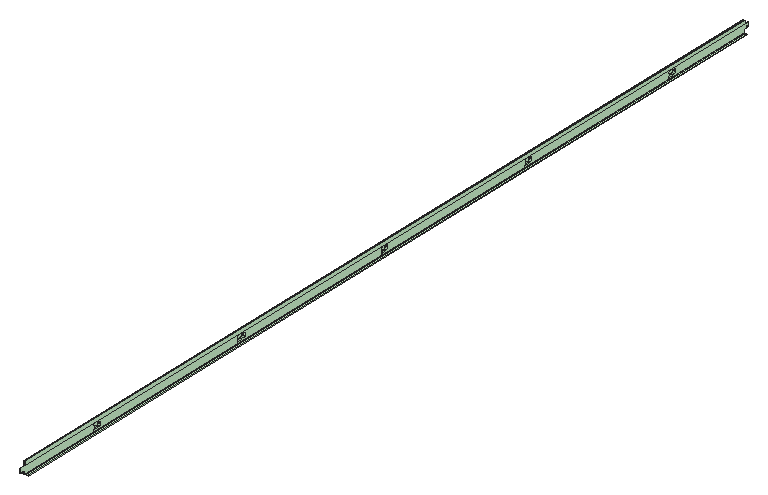
Revit family "eTバー4025メイン(640グリッド用)", category 機械設備, Revit 2020
Family settings
  丸型コネクタ寸法 = 直径を使用
  種別 = なし
  パーツ タイプ = 標準
  作業面ベース = いいえ
  常に垂直 = はい
  ロード時にボイドで切り取り = いいえ
  共有 = いいえ
  部屋計算ポイント = いいえ
Parameters
  製造元 = "株式会社桐井製作所"
  既定の高さ = 0 mm
  URL = "https://www.kirii.co.jp/"
  K_長さ(mm) = 3200 mm
  K_材質 = "溶融亜鉛めっき鋼板及び鋼帯SGCC 一般用　カラー鋼板"
  K_品名 = "eTバー4025メイン(640グリッド用)"
  K_名称 = "Tバー"
  K_入数 = "20"
  K_バージョン情報 = "20220915"
  K_めっき付着量 = "JIS G 3302 Z12、カラー鋼板　塗装膜厚20μ(白色)"
  K_JIS規格 = "JIS G 3302"
Reference planes
  plane 1 "中心(正面/背面)": y = 0
  plane 2: z = 0
  plane 3 "中心(左/右)": x = 0
  plane 4: y = 3200
Forms (mm)
  Extrusion 1, solid
    sketch origin (0, 0, 7.1) x (-1, 0, 0) y (0, 0, 1)
      loop
        line (12.507, -7.1) -> (12.507, -5.1) -> (8.507, -5.1) -> (8.507, -5.9) -> (3.507, -5.9) -> (3.507, -4.3) -> (2.492, -4.3) -> (2.492, -5.1) -> (0.657, -5.1) -> (0.657, 26.3) -> (2.407, 24.9) -> (3.507, 24.9) -> (3.507, 34.9) -> (1.41, 34.9) -> (1.41, 33.4) -> (2.21, 33.4) -> (2.149, 29.141) -> (1.066, 28.059) -> (-0.91, 28) -> (-2.134, 29.141) -> (-2.195, 33.4) -> (-1.41, 33.4) -> (-1.41, 34.9) -> (-3.493, 34.9) -> (-3.493, 24.9) -> (-2.393, 24.9) -> (-0.643, 26.3) -> (-0.643, -5.1) -> (-2.492, -5.1) -> (-2.492, -4.3) -> (-3.493, -4.3) -> (-3.493, -5.9) -> (-8.493, -5.9) -> (-8.493, -5.1) -> (-12.493, -5.1) -> (-12.493, -7.1) -> (12.507, -7.1)
    from 0 to 3200
  Extrusion 2, solid
    sketch origin (0.4, 0, 30.6) x (0, 0, -1) y (0, 1, 0)
      loop
        line (3.661, 0) -> (3.661, -19.4)
        arc (3.661, -19.4) -> (3.954, -20.107) -> (4.661, -20.4) r 1
        line (4.661, -20.4) -> (16.783, -20.4)
        arc (16.783, -20.4) -> (17.49, -20.107) -> (17.783, -19.4) r 1
        line (17.783, -19.4) -> (17.783, 0) -> (17.783, 21.201) -> (3.661, 21.201) -> (3.661, 0)
    from -1.057 to 0.243
  Extrusion 3, void
    sketch origin (0.4, 0, 38.1) x (0, 0, 1) y (0, 1, 0)
      loop
        line (-17.561, -16.4) -> (-17.561, -9.2) -> (-22.361, -9.2) -> (-22.361, -16.4) -> (-17.561, -16.4)
    from -0.243 to 1.057
  Extrusion 4, void
    sketch origin (0.4, 20, 31.225) x (0, 0, 1) y (0, 1, 0)
      loop
        line (-5.5, 284.4) -> (-5.5, 315.6) -> (-23.1, 315.6) -> (-23.1, 284.4) -> (-5.5, 284.4)
    from -0.243 to 1.057
  Extrusion 5, void
    sketch origin (0.4, 660, 31.225) x (0, 0, 1) y (0, 1, 0)
      loop
        line (-5.5, 284.4) -> (-5.5, 315.6) -> (-23.1, 315.6) -> (-23.1, 284.4) -> (-5.5, 284.4)
    from -0.243 to 1.057
  Extrusion 6, void
    sketch origin (0.4, 1300, 31.225) x (0, 0, 1) y (0, 1, 0)
      loop
        line (-5.5, 284.4) -> (-5.5, 315.6) -> (-23.1, 315.6) -> (-23.1, 284.4) -> (-5.5, 284.4)
    from -0.243 to 1.057
  Extrusion 7, void
    sketch origin (0.4, 1940, 31.225) x (0, 0, 1) y (0, 1, 0)
      loop
        line (-5.5, 284.4) -> (-5.5, 315.6) -> (-23.1, 315.6) -> (-23.1, 284.4) -> (-5.5, 284.4)
    from -0.243 to 1.057
  Extrusion 8, void
    sketch origin (0.4, 2580, 31.225) x (0, 0, 1) y (0, 1, 0)
      loop
        line (-5.5, 284.4) -> (-5.5, 315.6) -> (-23.1, 315.6) -> (-23.1, 284.4) -> (-5.5, 284.4)
    from -0.243 to 1.057
  Extrusion 9, void
    sketch origin (0.4, 3199.987, 39.236) x (0, 0, 1) y (0, 1, 0)
      loop
        line (-17.561, 16.4) -> (-22.361, 16.4) -> (-22.361, 9.2) -> (-17.561, 9.2) -> (-17.561, 16.4)
    from -0.243 to 1.057
  Extrusion 10, solid
    sketch origin (0.4, 3199.855, 31.722) x (0, 0, -1) y (0, 1, 0)
      loop
        line (3.661, 0) -> (3.661, -21.201) -> (17.783, -21.201) -> (17.783, 0) -> (17.783, 19.4)
        arc (17.783, 19.4) -> (17.49, 20.107) -> (16.783, 20.4) r 1
        line (16.783, 20.4) -> (4.661, 20.4)
        arc (4.661, 20.4) -> (3.954, 20.107) -> (3.661, 19.4) r 1
        line (3.661, 19.4) -> (3.661, 0)
    from -1.057 to 0.243
  Extrusion 11, void
    sketch origin (0.385, 38.192, 31.538) x (0, 0, 1) y (0, 1, 0)
      loop
        line (-19.9, 284.4) -> (-8.7, 284.4)
        arc (-8.7, 284.4) -> (-14.3, 287.9) -> (-19.9, 284.4) r 6.23
      loop
        line (-8.7, 297.4) -> (-19.9, 297.4)
        arc (-19.9, 297.4) -> (-14.3, 293.9) -> (-8.7, 297.4) r 6.23
    from 1.2 to 3.447
  Extrusion 12, solid
    sketch origin (0.066, 38.2, -7.135) x (1, 0, 0) y (0, 0, 1)
      loop
        line (-0.387, 33.66) -> (-2.087, 33.66) -> (-2.087, 26.56)
        arc (-2.087, 26.56) -> (-3.087, 24.26) -> (-2.088, 21.96) r 3.145
        line (-2.088, 21.96) -> (-2.087, 14.46) -> (-0.387, 14.46) -> (-0.387, 15.26) -> (-1.487, 15.26) -> (-1.487, 22.238)
        arc (-1.487, 22.238) -> (-2.487, 24.267) -> (-1.476, 26.291) r 2.545
        line (-1.476, 26.291) -> (-1.476, 32.86) -> (-0.387, 32.86) -> (-0.387, 33.66)
    from -297.4 to -284.4
  Extrusion 13, void
    sketch origin (-0.415, 19.992, 31.538) x (0, 0, 1) y (0, -1, 0)
      loop
        arc (-19.9, -284.4) -> (-14.3, -287.9) -> (-8.7, -284.4) r 6.23
        line (-8.7, -284.4) -> (-19.9, -284.4)
      loop
        arc (-8.7, -297.4) -> (-14.3, -293.9) -> (-19.9, -297.4) r 6.23
        line (-19.9, -297.4) -> (-8.7, -297.4)
    from 1.2 to 3.447
  Extrusion 14, solid
    sketch origin (-0.096, 20, -7.135) x (-1, 0, 0) y (0, 0, -1)
      loop
        line (-0.387, -33.66) -> (-0.387, -32.86) -> (-1.476, -32.86) -> (-1.476, -26.291)
        arc (-1.476, -26.291) -> (-2.487, -24.267) -> (-1.487, -22.238) r 2.545
        line (-1.487, -22.238) -> (-1.487, -15.26) -> (-0.387, -15.26) -> (-0.387, -14.46) -> (-2.087, -14.46) -> (-2.088, -21.96)
        arc (-2.088, -21.96) -> (-3.087, -24.26) -> (-2.087, -26.56) r 3.145
        line (-2.087, -26.56) -> (-2.087, -33.66) -> (-0.387, -33.66)
    from -297.4 to -284.4
  Extrusion 15, void
    sketch origin (0.385, 678.192, 31.538) x (0, 0, 1) y (0, 1, 0)
      loop
        line (-19.9, 284.4) -> (-8.7, 284.4)
        arc (-8.7, 284.4) -> (-14.3, 287.9) -> (-19.9, 284.4) r 6.23
      loop
        line (-8.7, 297.4) -> (-19.9, 297.4)
        arc (-19.9, 297.4) -> (-14.3, 293.9) -> (-8.7, 297.4) r 6.23
    from 1.2 to 3.447
  Extrusion 16, solid
    sketch origin (0.066, 678.2, -7.135) x (1, 0, 0) y (0, 0, 1)
      loop
        line (-0.387, 33.66) -> (-2.087, 33.66) -> (-2.087, 26.56)
        arc (-2.087, 26.56) -> (-3.087, 24.26) -> (-2.088, 21.96) r 3.145
        line (-2.088, 21.96) -> (-2.087, 14.46) -> (-0.387, 14.46) -> (-0.387, 15.26) -> (-1.487, 15.26) -> (-1.487, 22.238)
        arc (-1.487, 22.238) -> (-2.487, 24.267) -> (-1.476, 26.291) r 2.545
        line (-1.476, 26.291) -> (-1.476, 32.86) -> (-0.387, 32.86) -> (-0.387, 33.66)
    from -297.4 to -284.4
  Extrusion 17, void
    sketch origin (-0.415, 659.992, 31.538) x (0, 0, 1) y (0, -1, 0)
      loop
        arc (-19.9, -284.4) -> (-14.3, -287.9) -> (-8.7, -284.4) r 6.23
        line (-8.7, -284.4) -> (-19.9, -284.4)
      loop
        arc (-8.7, -297.4) -> (-14.3, -293.9) -> (-19.9, -297.4) r 6.23
        line (-19.9, -297.4) -> (-8.7, -297.4)
    from 1.2 to 3.447
  Extrusion 18, solid
    sketch origin (-0.096, 660, -7.135) x (-1, 0, 0) y (0, 0, -1)
      loop
        line (-0.387, -33.66) -> (-0.387, -32.86) -> (-1.476, -32.86) -> (-1.476, -26.291)
        arc (-1.476, -26.291) -> (-2.487, -24.267) -> (-1.487, -22.238) r 2.545
        line (-1.487, -22.238) -> (-1.487, -15.26) -> (-0.387, -15.26) -> (-0.387, -14.46) -> (-2.087, -14.46) -> (-2.088, -21.96)
        arc (-2.088, -21.96) -> (-3.087, -24.26) -> (-2.087, -26.56) r 3.145
        line (-2.087, -26.56) -> (-2.087, -33.66) -> (-0.387, -33.66)
    from -297.4 to -284.4
  Extrusion 19, void
    sketch origin (0.385, 1318.192, 31.538) x (0, 0, 1) y (0, 1, 0)
      loop
        line (-19.9, 284.4) -> (-8.7, 284.4)
        arc (-8.7, 284.4) -> (-14.3, 287.9) -> (-19.9, 284.4) r 6.23
      loop
        line (-8.7, 297.4) -> (-19.9, 297.4)
        arc (-19.9, 297.4) -> (-14.3, 293.9) -> (-8.7, 297.4) r 6.23
    from 1.2 to 3.447
  Extrusion 20, solid
    sketch origin (0.066, 1318.2, -7.135) x (1, 0, 0) y (0, 0, 1)
      loop
        line (-0.387, 33.66) -> (-2.087, 33.66) -> (-2.087, 26.56)
        arc (-2.087, 26.56) -> (-3.087, 24.26) -> (-2.088, 21.96) r 3.145
        line (-2.088, 21.96) -> (-2.087, 14.46) -> (-0.387, 14.46) -> (-0.387, 15.26) -> (-1.487, 15.26) -> (-1.487, 22.238)
        arc (-1.487, 22.238) -> (-2.487, 24.267) -> (-1.476, 26.291) r 2.545
        line (-1.476, 26.291) -> (-1.476, 32.86) -> (-0.387, 32.86) -> (-0.387, 33.66)
    from -297.4 to -284.4
  Extrusion 21, void
    sketch origin (-0.415, 1299.992, 31.538) x (0, 0, 1) y (0, -1, 0)
      loop
        arc (-19.9, -284.4) -> (-14.3, -287.9) -> (-8.7, -284.4) r 6.23
        line (-8.7, -284.4) -> (-19.9, -284.4)
      loop
        arc (-8.7, -297.4) -> (-14.3, -293.9) -> (-19.9, -297.4) r 6.23
        line (-19.9, -297.4) -> (-8.7, -297.4)
    from 1.2 to 3.447
  Extrusion 22, solid
    sketch origin (-0.096, 1300, -7.135) x (-1, 0, 0) y (0, 0, -1)
      loop
        line (-0.387, -33.66) -> (-0.387, -32.86) -> (-1.476, -32.86) -> (-1.476, -26.291)
        arc (-1.476, -26.291) -> (-2.487, -24.267) -> (-1.487, -22.238) r 2.545
        line (-1.487, -22.238) -> (-1.487, -15.26) -> (-0.387, -15.26) -> (-0.387, -14.46) -> (-2.087, -14.46) -> (-2.088, -21.96)
        arc (-2.088, -21.96) -> (-3.087, -24.26) -> (-2.087, -26.56) r 3.145
        line (-2.087, -26.56) -> (-2.087, -33.66) -> (-0.387, -33.66)
    from -297.4 to -284.4
  Extrusion 23, void
    sketch origin (0.385, 1958.192, 31.538) x (0, 0, 1) y (0, 1, 0)
      loop
        line (-19.9, 284.4) -> (-8.7, 284.4)
        arc (-8.7, 284.4) -> (-14.3, 287.9) -> (-19.9, 284.4) r 6.23
      loop
        line (-8.7, 297.4) -> (-19.9, 297.4)
        arc (-19.9, 297.4) -> (-14.3, 293.9) -> (-8.7, 297.4) r 6.23
    from 1.2 to 3.447
  Extrusion 24, solid
    sketch origin (0.066, 1958.2, -7.135) x (1, 0, 0) y (0, 0, 1)
      loop
        line (-0.387, 33.66) -> (-2.087, 33.66) -> (-2.087, 26.56)
        arc (-2.087, 26.56) -> (-3.087, 24.26) -> (-2.088, 21.96) r 3.145
        line (-2.088, 21.96) -> (-2.087, 14.46) -> (-0.387, 14.46) -> (-0.387, 15.26) -> (-1.487, 15.26) -> (-1.487, 22.238)
        arc (-1.487, 22.238) -> (-2.487, 24.267) -> (-1.476, 26.291) r 2.545
        line (-1.476, 26.291) -> (-1.476, 32.86) -> (-0.387, 32.86) -> (-0.387, 33.66)
    from -297.4 to -284.4
  Extrusion 25, void
    sketch origin (-0.415, 1939.992, 31.538) x (0, 0, 1) y (0, -1, 0)
      loop
        arc (-19.9, -284.4) -> (-14.3, -287.9) -> (-8.7, -284.4) r 6.23
        line (-8.7, -284.4) -> (-19.9, -284.4)
      loop
        arc (-8.7, -297.4) -> (-14.3, -293.9) -> (-19.9, -297.4) r 6.23
        line (-19.9, -297.4) -> (-8.7, -297.4)
    from 1.2 to 3.447
  Extrusion 26, solid
    sketch origin (-0.096, 1940, -7.135) x (-1, 0, 0) y (0, 0, -1)
      loop
        line (-0.387, -33.66) -> (-0.387, -32.86) -> (-1.476, -32.86) -> (-1.476, -26.291)
        arc (-1.476, -26.291) -> (-2.487, -24.267) -> (-1.487, -22.238) r 2.545
        line (-1.487, -22.238) -> (-1.487, -15.26) -> (-0.387, -15.26) -> (-0.387, -14.46) -> (-2.087, -14.46) -> (-2.088, -21.96)
        arc (-2.088, -21.96) -> (-3.087, -24.26) -> (-2.087, -26.56) r 3.145
        line (-2.087, -26.56) -> (-2.087, -33.66) -> (-0.387, -33.66)
    from -297.4 to -284.4
  Extrusion 27, void
    sketch origin (0.385, 2598.192, 31.538) x (0, 0, 1) y (0, 1, 0)
      loop
        line (-19.9, 284.4) -> (-8.7, 284.4)
        arc (-8.7, 284.4) -> (-14.3, 287.9) -> (-19.9, 284.4) r 6.23
      loop
        line (-8.7, 297.4) -> (-19.9, 297.4)
        arc (-19.9, 297.4) -> (-14.3, 293.9) -> (-8.7, 297.4) r 6.23
    from 1.2 to 3.447
  Extrusion 28, solid
    sketch origin (0.066, 2598.2, -7.135) x (1, 0, 0) y (0, 0, 1)
      loop
        line (-0.387, 33.66) -> (-2.087, 33.66) -> (-2.087, 26.56)
        arc (-2.087, 26.56) -> (-3.087, 24.26) -> (-2.088, 21.96) r 3.145
        line (-2.088, 21.96) -> (-2.087, 14.46) -> (-0.387, 14.46) -> (-0.387, 15.26) -> (-1.487, 15.26) -> (-1.487, 22.238)
        arc (-1.487, 22.238) -> (-2.487, 24.267) -> (-1.476, 26.291) r 2.545
        line (-1.476, 26.291) -> (-1.476, 32.86) -> (-0.387, 32.86) -> (-0.387, 33.66)
    from -297.4 to -284.4
  Extrusion 29, void
    sketch origin (-0.415, 2579.992, 31.538) x (0, 0, 1) y (0, -1, 0)
      loop
        arc (-19.9, -284.4) -> (-14.3, -287.9) -> (-8.7, -284.4) r 6.23
        line (-8.7, -284.4) -> (-19.9, -284.4)
      loop
        arc (-8.7, -297.4) -> (-14.3, -293.9) -> (-19.9, -297.4) r 6.23
        line (-19.9, -297.4) -> (-8.7, -297.4)
    from 1.2 to 3.447
  Extrusion 30, solid
    sketch origin (-0.096, 2580, -7.135) x (-1, 0, 0) y (0, 0, -1)
      loop
        line (-0.387, -33.66) -> (-0.387, -32.86) -> (-1.476, -32.86) -> (-1.476, -26.291)
        arc (-1.476, -26.291) -> (-2.487, -24.267) -> (-1.487, -22.238) r 2.545
        line (-1.487, -22.238) -> (-1.487, -15.26) -> (-0.387, -15.26) -> (-0.387, -14.46) -> (-2.087, -14.46) -> (-2.088, -21.96)
        arc (-2.088, -21.96) -> (-3.087, -24.26) -> (-2.087, -26.56) r 3.145
        line (-2.087, -26.56) -> (-2.087, -33.66) -> (-0.387, -33.66)
    from -297.4 to -284.4
Cuts and joins
  Extrusion 4, Extrusion 5, Extrusion 6, Extrusion 7, Extrusion 8 cuts Extrusion 1
  Extrusion 3 cuts Extrusion 2
  Extrusion 9 cuts Extrusion 10
  Extrusion 11 cuts Extrusion 12
  Extrusion 13 cuts Extrusion 14
  Extrusion 15 cuts Extrusion 16
  Extrusion 17 cuts Extrusion 18
  Extrusion 19 cuts Extrusion 20
  Extrusion 21 cuts Extrusion 22
  Extrusion 23 cuts Extrusion 24
  Extrusion 25 cuts Extrusion 26
  Extrusion 27 cuts Extrusion 28
  Extrusion 29 cuts Extrusion 30
  joined: Extrusion 1, Extrusion 2, Extrusion 10, Extrusion 12, Extrusion 14, Extrusion 16, Extrusion 18, Extrusion 20, Extrusion 22, Extrusion 24, Extrusion 26, Extrusion 28, Extrusion 30
Dimensions and locks
  aligned and locked: level to plane 2
